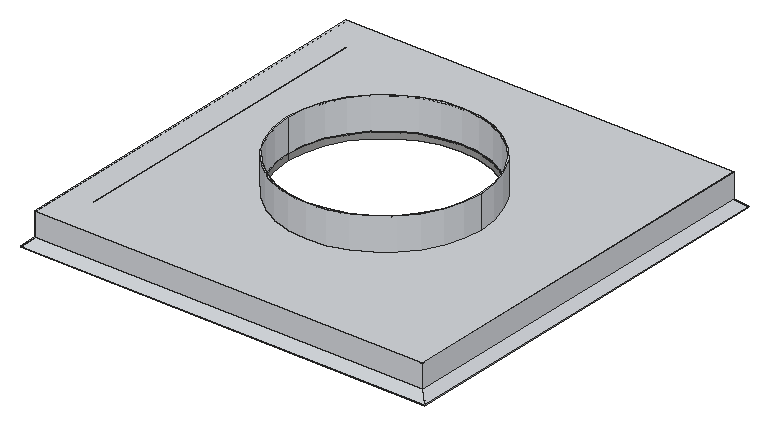
Revit family "Square to Round Cover", category Mechanical Equipment, Revit 2015
Parameters
  URL = "https://unitedenertech.com/catalog/pdf/M_16%20SQUARE%20TO%20ROUND%20COVER.pdf"
  Type Comments = "Consult Factory for Max. Sizes"
  Radius 2 [instance] = Radius 1 + 0' 0 3/64"  # 0' - 6 3/64"
  Radius 1 [instance] = Diameter / 2  # 0' - 6"
  Model = "Square to Round Cover"
  Manufacturer = "United Enertech Corporation"
  Diameter = 1' - 0"
  Description = "Square to Round Cover (Insulated)"
  B Side Base I.D. = 2' - 0"
  A Side Base I.D. = 2' - 0"
Reference planes (in)
  plane 1 "Center (Front/Back)": y = 0
  plane 2: z = 0
  plane 3 "Center (Left/Right)": x = 0
  plane 4: x = -12
  plane 5: x = 12
  plane 6: y = -12
  plane 7: y = 12
  plane 8: x = -12.0478
  plane 9: y = -12.0478
  plane 10: x = 12.0478
  plane 11: y = 12.0478
  plane 12: z = 2
  plane 13: z = 0.5
  plane 14: z = 1.9522
  plane 15: x = -12.5478
  plane 16: y = -12.5478
  plane 17: x = 12.5478
  plane 18: y = 12.5478
  plane 19: z = 1.5772
  plane 20: y = 13.0478
  plane 21: y = -13.0478
  plane 22: x = -13.0478
  plane 23: x = 13.0478
  plane 24: z = 4
  plane 25: x = -6
  plane 26: x = 6
Forms (in)
  Extrusion 1, solid
    sketch origin (0, 0, 0) x (1, 0, 0) y (0, 0, 1)
      loop
        line (-12.54622, 0.00144) -> (-12, 0.5) -> (-12, 1.9522) -> (-12.0478, 1.9522) -> (-12.0478, 0.51984) -> (-12.5794, 0.03462) -> (-12.54622, 0.00144)
    from -12.5478 to 12.5478
  Extrusion 2, solid
    sketch origin (0, 0, 0) x (-1, 0, 0) y (0, 0, -1)
      loop
        line (-12.54622, -0.00144) -> (-12.5794, -0.03462) -> (-12.0478, -0.51984) -> (-12.0478, -1.9522) -> (-12, -1.9522) -> (-12, -0.5) -> (-12.54622, -0.00144)
    from -12.5478 to 12.5478
  Extrusion 3, solid
    sketch origin (0, 0, 0) x (0, 1, 0) y (0, 0, 1)
      loop
        line (-12, 1.9522) -> (-12.0478, 1.9522) -> (-12.0478, 0.51988) -> (-12.58098, 0.03462) -> (-12.5478, 0.00144) -> (-12, 0.5) -> (-12, 1.9522)
    from -12.5478 to 12.5478
  Extrusion 4, solid
    sketch origin (0, 0, 0) x (0, -1, 0) y (0, 0, -1)
      loop
        line (-12, -1.9522) -> (-12, -0.5) -> (-12.5478, -0.00144) -> (-12.58098, -0.03462) -> (-12.0478, -0.51988) -> (-12.0478, -1.9522) -> (-12, -1.9522)
    from -12.5478 to 12.5478
  Extrusion 5, void
    sketch origin (-93.15685, -31.93875, 0) x (1, 0, 0) y (0, 1, 0)
      loop
        line (100.5478, 24.5478) -> (106.20465, 18.89095) -> (106.20465, 24.5478) -> (100.5478, 24.5478)
    from -1.29054 to 3.19849
  Extrusion 6, void
    sketch origin (-125.5956, 0.5, 0) x (1, 0, 0) y (0, 1, 0)
      loop
        line (112.5478, 12.5478) -> (118.20465, 6.89095) -> (118.20465, 12.5478) -> (112.5478, 12.5478)
    from -3.18066 to 4.14355
  Extrusion 7, void
    sketch origin (-109.38054, -28.0092, 0) x (1, 0, 0) y (0, 1, 0)
      loop
        line (117.42834, 19.9614) -> (117.42834, 14.9614) -> (122.42834, 14.9614) -> (117.42834, 19.9614)
    from -1.13303 to 3.27725
  Extrusion 8, void
    sketch origin (-136.47614, -0.9136, 0) x (1, 0, 0) y (0, 1, 0)
      loop
        line (123.42834, 13.9614) -> (123.42834, 8.9614) -> (128.42834, 8.9614) -> (123.42834, 13.9614)
    from -1.68432 to 3.74977
  Extrusion 9, void
    sketch origin (-121.30312, -30.02453, 0) x (1, 0, 0) y (0, 1, 0)
      loop
        line (115.32639, 24.0478) -> (108.25532, 24.0478) -> (108.25532, 16.97673) -> (115.32639, 24.0478)
    from -1.13303 to 3.59226
  Extrusion 10, void
    sketch origin (-90.27859, 1, 0) x (1, 0, 0) y (0, 1, 0)
      loop
        line (103.32639, 12.0478) -> (96.25532, 12.0478) -> (96.25532, 4.97673) -> (103.32639, 12.0478)
    from -1.44805 to 3.51351
  Extrusion 11, void
    sketch origin (-116.53283, -32.26123, 0) x (1, 0, 0) y (0, 1, 0)
      loop
        line (111.97031, 27.69871) -> (103.48503, 19.21343) -> (111.97031, 19.21343) -> (111.97031, 27.69871)
    from -1.3693 to 3.82853
  Extrusion 12, void
    sketch origin (-86.92251, -2.65091, 0) x (1, 0, 0) y (0, 1, 0)
      loop
        line (99.97031, 15.69871) -> (91.48503, 7.21343) -> (99.97031, 7.21343) -> (99.97031, 15.69871)
    from -0.97552 to 3.04098
  Extrusion 13, solid, material "Rigid insulation"
    sketch origin (0, 0, 0) x (1, 0, 0) y (0, 1, 0)
      loop
        line (-12, -12) -> (12, -12) -> (12, 12) -> (-12, 12) -> (-12, -12)
    from 1.5772 to 1.9522
  Extrusion 14, solid
    sketch origin (0, 0, 0) x (1, 0, 0) y (0, 1, 0)
      loop
        line (-12.0478, -12.0478) -> (12.0478, -12.0478) -> (12.0478, 12.0478) -> (-12.0478, 12.0478) -> (-12.0478, -12.0478)
    from 1.9522 to 2
  Extrusion 15, solid
    sketch origin (0, 0, 0) x (1, 0, 0) y (0, 1, 0)
      loop
        circle (0, 0) r 6.04688
      loop
        circle (0, 0) r 6
    from 2 to 4
  Extrusion 16, void
    sketch origin (0, 0, 0) x (1, 0, 0) y (0, 1, 0)
      loop
        circle (0, 0) r 6
    from 0 to 4
Cuts and joins
  Extrusion 6, Extrusion 11 cuts Extrusion 1
  Extrusion 5, Extrusion 9 cuts Extrusion 3
  Extrusion 8, Extrusion 12 cuts Extrusion 4
  Extrusion 7, Extrusion 10 cuts Extrusion 2
  Extrusion 16 cuts Extrusion 13
  Extrusion 16 cuts Extrusion 14
  Extrusion 16 cuts Extrusion 15
Dimensions and locks (in)
  equal spacing: plane 4, plane 3 "Center (Left/Right)", plane 5
  "A Side Base I.D.": plane 4 to plane 5
  equal spacing: plane 7, plane 1 "Center (Front/Back)", plane 6
  "B Side Base I.D.": plane 7 to plane 6
  locked: plane 6 to plane 9 at 0.0478
  locked: plane 11 to plane 7 at 0.0478
  locked: plane 8 to plane 4 at 0.0478
  locked: plane 5 to plane 10 at 0.0478
  locked: plane 12 to level at 2
  locked: plane 13 to level at 0.5
  locked: plane 12 to plane 14 at 0.0478
  locked: plane 9 to plane 16 at 0.5
  locked: plane 15 to plane 8 at 0.5
  locked: plane 11 to plane 18 at 0.5
  locked: plane 10 to plane 17 at 0.5
  locked: plane 14 to plane 19 at 0.375
  locked: plane 18 to plane 20 at 0.5
  locked: plane 21 to plane 16 at 0.5
  locked: plane 22 to plane 15 at 0.5
  locked: plane 17 to plane 23 at 0.5
  locked: plane 24 to plane 12 at 2
  equal spacing: plane 25, plane 3 "Center (Left/Right)", plane 26
  "Diameter": plane 25 to plane 26
  "Radius 2": radius of Extrusion 15 sketch curve
  "Radius 1": radius of Extrusion 15 sketch curve
  "Radius 1": radius of Extrusion 16 sketch curve
  locked: Extrusion 5 sketch curve to Extrusion 5 sketch curve (angle 45.00°)  (x2)
  locked: Extrusion 6 sketch curve to Extrusion 6 sketch curve (angle 45.00°)  (x2)
  locked: Extrusion 7 sketch curve to Extrusion 7 sketch curve (angle 45.00°)  (x2)
  locked: Extrusion 8 sketch curve to Extrusion 8 sketch curve (angle 45.00°)  (x2)
  locked: Extrusion 9 sketch curve to Extrusion 9 sketch curve (angle 45.00°)  (x2)
  locked: Extrusion 10 sketch curve to Extrusion 10 sketch curve (angle 45.00°)  (x2)
  locked: Extrusion 11 sketch curve to Extrusion 11 sketch curve (angle 45.00°)  (x2)
  locked: Extrusion 12 sketch curve to Extrusion 12 sketch curve (angle 45.00°)  (x2)
  aligned and locked: level to plane 2
  aligned and locked: plane 4 to Extrusion 1 sketch curve
  aligned and locked: Extrusion 1 sketch curve to plane 8
  aligned and locked: plane 14 to Extrusion 1 sketch curve
  aligned and locked: plane 13 to Extrusion 1 sketch curve
  aligned and locked: Extrusion 2 sketch curve to plane 14
  aligned and locked: plane 5 to Extrusion 2 sketch curve
  aligned and locked: plane 10 to Extrusion 2 sketch curve
  aligned and locked: plane 13 to Extrusion 2 sketch curve
  aligned and locked: Extrusion 1 to plane 18
  aligned and locked: Extrusion 1 to plane 16
  aligned and locked: Extrusion 2 to plane 16
  aligned and locked: Extrusion 2 to plane 18
  aligned and locked: plane 16 to Extrusion 3 sketch curve
  aligned and locked: plane 6 to Extrusion 3 sketch curve  (x2)
  aligned and locked: plane 13 to Extrusion 3 sketch curve
  aligned and locked: plane 9 to Extrusion 3 sketch curve
  aligned and locked: Extrusion 3 sketch curve to plane 14
  aligned and locked: Extrusion 4 sketch curve to plane 11
  aligned and locked: plane 7 to Extrusion 4 sketch curve
  aligned and locked: plane 14 to Extrusion 4 sketch curve
  aligned and locked: plane 13 to Extrusion 4 sketch curve
  aligned and locked: plane 18 to Extrusion 4 sketch curve
  aligned and locked: Extrusion 3 to plane 15
  aligned and locked: Extrusion 3 to plane 17
  aligned and locked: Extrusion 4 to plane 17
  aligned and locked: Extrusion 4 to plane 15
  aligned and locked: plane 22 to Extrusion 6 sketch curve
  aligned and locked: plane 20 to Extrusion 6 sketch curve
  aligned and locked: plane 21 to Extrusion 5 sketch curve
  aligned and locked: plane 23 to Extrusion 5 sketch curve
  aligned and locked: plane 20 to Extrusion 8 sketch curve
  aligned and locked: plane 22 to Extrusion 8 sketch curve
  aligned and locked: plane 21 to Extrusion 7 sketch curve
  aligned and locked: plane 23 to Extrusion 7 sketch curve
  aligned and locked: plane 23 to Extrusion 10 sketch curve
  aligned and locked: plane 20 to Extrusion 10 sketch curve
  aligned and locked: plane 21 to Extrusion 9 sketch curve
  aligned and locked: Extrusion 9 sketch curve to plane 22
  aligned and locked: plane 20 to Extrusion 12 sketch curve
  aligned and locked: plane 23 to Extrusion 12 sketch curve
  aligned and locked: Extrusion 11 sketch curve to plane 22
  aligned and locked: plane 21 to Extrusion 11 sketch curve
  aligned and locked: Extrusion 13 sketch curve to plane 4
  aligned and locked: plane 7 to Extrusion 13 sketch curve
  aligned and locked: plane 5 to Extrusion 13 sketch curve
  aligned and locked: Extrusion 13 sketch curve to plane 6
  aligned and locked: Extrusion 13 to plane 19
  aligned and locked: plane 14 to Extrusion 13
  aligned and locked: Extrusion 14 sketch curve to plane 8
  aligned and locked: Extrusion 14 sketch curve to plane 11
  aligned and locked: Extrusion 14 sketch curve to plane 9
  aligned and locked: Extrusion 14 sketch curve to plane 10
  aligned and locked: Extrusion 14 to plane 14
  aligned and locked: plane 12 to Extrusion 14
  aligned and locked: Extrusion 15 to plane 12
  aligned and locked: plane 24 to Extrusion 15
  aligned and locked: plane 24 to Extrusion 16
  aligned and locked: Extrusion 16 to level
Automatic sketch dimensions
  plane 15 to Extrusion 1 sketch curve = 0' - 0.00158"
  Extrusion 1 sketch curve to plane 15 = 0' - 0.0316"
  level to Extrusion 1 sketch curve = 0' - 0.03462"
  level to Extrusion 1 sketch curve = 0' - 0.00144"
  plane 13 to Extrusion 1 sketch curve = 0' - 0.01984"
  Extrusion 2 sketch curve to plane 17 = 0' - 0.00158"
  plane 17 to Extrusion 2 sketch curve = 0' - 0.0316"
  Extrusion 2 sketch curve to level = 0' - 0.03462"
  Extrusion 2 sketch curve to level = 0' - 0.00144"
  Extrusion 2 sketch curve to plane 13 = 0' - 0.01984"
  Extrusion 3 sketch curve to plane 16 = 0' - 0.03318"
  level to Extrusion 3 sketch curve = 0' - 0.03462"
  level to Extrusion 3 sketch curve = 0' - 0.00144"
  plane 13 to Extrusion 3 sketch curve = 0' - 0.01988"
  plane 18 to Extrusion 4 sketch curve = 0' - 0.03318"
  Extrusion 4 sketch curve to level = 0' - 0.03462"
  Extrusion 4 sketch curve to level = 0' - 0.00144"
  Extrusion 4 sketch curve to plane 13 = 0' - 0.01988"
  Extrusion 5 sketch curve to plane 5 = 0' - 4.60905"
  plane 4 to Extrusion 6 sketch curve = 0' - 4.60905"
  plane 1 "Center (Front/Back)" to Extrusion 7 sketch curve = 0' - 8.0478"
  Extrusion 8 sketch curve to plane 1 "Center (Front/Back)" = 0' - 8.0478"
  plane 4 to Extrusion 9 sketch curve = 0' - 6.02327"
  Extrusion 10 sketch curve to plane 5 = 0' - 6.02327"
  Extrusion 11 sketch curve to Extrusion 11 sketch curve = 0' - 8.48528"
  Extrusion 12 sketch curve to plane 7 = 0' - 7 7/16"
  Extrusion 15 sketch curve to Extrusion 15 sketch curve = 0' - 0"  (x2)
  plane 1 "Center (Front/Back)" to Extrusion 15 sketch curve = 0' - 0"
  Extrusion 15 sketch curve to plane 3 "Center (Left/Right)" = 0' - 0"
  plane 1 "Center (Front/Back)" to Extrusion 16 sketch curve = 0' - 0"
  Extrusion 16 sketch curve to plane 3 "Center (Left/Right)" = 0' - 0"
